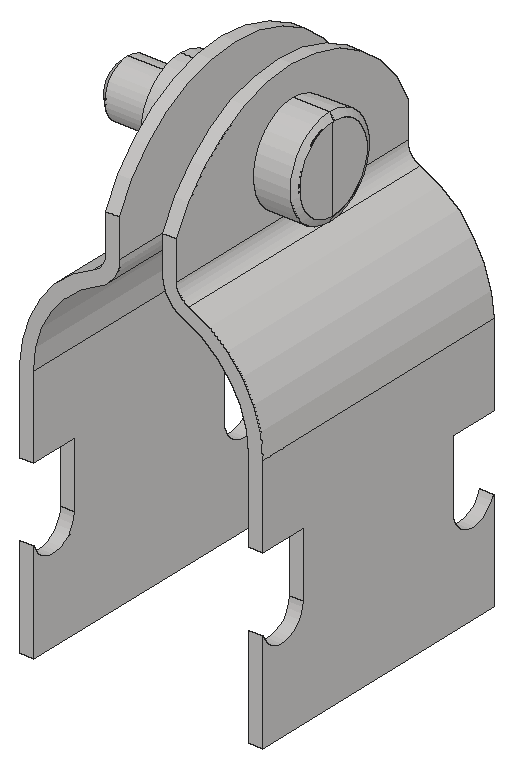
Revit family "Pipe-Clamp-Atkore-Thinwall-Conduit-P1427", category Specialty Equipment, Revit 2012
Parameters (values of type "P1427")
  ecoScorecard_data = ""
  ecoScorecard Product Page = ""
  Unit = Metal - Aluminum - Atkore - Electro - Galvanized
  URL = "http://unistrut.us/index.php"
  Thickness Gauge = 1.50 mm  # constant formula
  Subcategory = "Pipe Clamps"  # constant formula
  Product Page URL = ""
  Part Type = "Clamp"  # constant formula
  Part Number = "P1427"
  Overall Width = 26.79 mm  # constant formula
  Overall Height = 57.55 mm  # constant formula
  Overall Depth = 31.93 mm  # constant formula
  Outer Diameter = 23.40 mm  # constant formula
  Model = "P1427"  # constant formula
  Material = "Multiple Options - See Catalog"
  Manufacturer Toll Free Phone = "800-882-5543"  # constant formula
  Manufacturer Phone = "708-339-1610"  # constant formula
  Manufacturer Fax = "708-339-7814"  # constant formula
  Manufacturer Email = "mailto:questions@atkore.com"
  Manufacturer Address = "16100 South Lathrop Avenue, Harvey, IL 60426"  # constant formula
  Manufacturer = "Unistrut by Atkore International"  # constant formula
  Load Capacity Note = "Visit the product page for load application and capacity."  # constant formula
  Literature URL = ""
  Description = "Pipe Clamps For Thin Wall Conduit"  # constant formula
  Cost Info = "mailto:questions@atkore.com"
  Construction Note = ""
  Conduit Size = 19.10 mm  # constant formula
  CSI MasterSpec = ""
  CAD URL = ""
  Assembly Code = "D5090300"
  95 CSI = "16070"  # constant formula
  04 CSI = "26 05 48"  # constant formula
Reference planes
  plane 1 "Center (Front/Back)": y = 0
  plane 2: z = 0
  plane 3 "Center (Left/Right)": x = 0
  plane 4: y = 15.965
  plane 5: y = -15.965
  plane 6: x = -13.395
  plane 7: x = 13.395
  plane 8: z = 57.55
Dimensions and locks
  equal spacing: plane 4, plane 1 "Center (Front/Back)", plane 5
  "Overall Height": plane 8 to level
  "Overall Depth": plane 4 to plane 5
  "Overall Width": plane 6 to plane 7
  equal spacing: plane 6, plane 3 "Center (Left/Right)", plane 7
  aligned and locked: level to plane 2
  aligned and locked: plane 1 "Center (Front/Back)" to nested 1
  aligned and locked: plane 3 "Center (Left/Right)" to nested 1
Nested families
  nested 1: "P1427" at (0, 0, 0), type "P1427"
Definition of nested family "P1427"
  Parameters (values of type "P1427")
    Unit = Metal - Aluminum - Atkore - Electro - Galvanized
    Thickness Gauge = 1.50 mm
    Outer Diameter = 23.40 mm
    Conduit Size = 19.10 mm
  Reference planes
    plane 1 "Center (Front/Back)": y = 0
    plane 2: z = 0
    plane 3 "Center (Left/Right)": x = 0
    plane 4: y = -15.967
    plane 5: x = -13.43
    plane 6: x = 13.43
    plane 7: y = 15.967
    plane 8: z = 57.545
    plane 9: z = 19.431
    plane 10: z = 42.97
  Forms (mm)
    Extrusion 1, solid, material "Metal - Aluminum - Atkore - Electro - Galvanized" <- "Unit"
      sketch origin (0, 0, 0) x (0, 1, 0) y (0, 0, 1)
        loop
          line (15.967, 0) -> (15.967, 11.156)
          arc (15.967, 11.156) -> (12.758, 9.174) -> (10.305, 12.039) r 2.9
          line (10.305, 12.039) -> (10.305, 19.431) -> (-10.333, 19.431) -> (-10.333, 12.131)
          arc (-10.333, 12.131) -> (-12.743, 9.272) -> (-15.967, 11.165) r 2.9
          line (-15.967, 11.165) -> (-15.967, 0) -> (15.967, 0)
      from 11.906 to 13.43
    Extrusion 2, solid, material "Metal - Aluminum - Atkore - Electro - Galvanized" <- "Unit"
      sketch origin (0, 0, 0) x (1, 0, 0) y (0, 0, 1)
        loop
          line (3.905, 42.97) -> (2.381, 42.97)
          arc (2.381, 42.97) -> (3.001, 40.91) -> (4.655, 39.533) r 3.734
          arc (4.655, 39.533) -> (9.929, 35.145) -> (11.906, 28.575) r 11.906
          line (11.906, 28.575) -> (11.906, 19.431) -> (13.43, 19.431) -> (13.43, 28.575)
          arc (13.43, 28.575) -> (11.2, 35.986) -> (5.251, 40.936) r 13.43
          arc (5.251, 40.936) -> (4.272, 41.751) -> (3.905, 42.97) r 2.21
      from -15.967 to 15.967
    Extrusion 3, solid, material "Metal - Aluminum - Atkore - Electro - Galvanized" <- "Unit"
      sketch origin (0, 0, 0) x (0, 1, 0) y (0, 0, 1)
        loop
          line (-15.967, 42.97) -> (15.967, 42.97) -> (15.967, 47.124)
          arc (15.967, 47.124) -> (0.02, 57.547) -> (-15.967, 47.186) r 17.463
          line (-15.967, 47.186) -> (-15.967, 42.97)
      from 2.381 to 3.905
    Extrusion 4, solid, material "Metal - Aluminum - Atkore - Electro - Galvanized" <- "Unit"
      sketch origin (0, 0, 0) x (0, 1, 0) y (0, 0, -1)
        loop
          line (15.967, 0) -> (-15.967, 0) -> (-15.967, -11.165)
          arc (-15.967, -11.165) -> (-12.743, -9.272) -> (-10.333, -12.131) r 2.9
          line (-10.333, -12.131) -> (-10.333, -19.431) -> (10.305, -19.431) -> (10.305, -12.039)
          arc (10.305, -12.039) -> (12.758, -9.174) -> (15.967, -11.156) r 2.9
          line (15.967, -11.156) -> (15.967, 0)
      from 11.906 to 13.43
    Extrusion 5, solid, material "Metal - Aluminum - Atkore - Electro - Galvanized" <- "Unit"
      sketch origin (0, 0, 0) x (-1, 0, 0) y (0, 0, -1)
        loop
          arc (3.905, -42.97) -> (4.272, -41.751) -> (5.251, -40.936) r 2.21
          arc (5.251, -40.936) -> (11.2, -35.986) -> (13.43, -28.575) r 13.43
          line (13.43, -28.575) -> (13.43, -19.431) -> (11.906, -19.431) -> (11.906, -28.575)
          arc (11.906, -28.575) -> (9.929, -35.145) -> (4.655, -39.533) r 11.906
          arc (4.655, -39.533) -> (3.001, -40.91) -> (2.381, -42.97) r 3.734
          line (2.381, -42.97) -> (3.905, -42.97)
      from -15.967 to 15.967
    Extrusion 6, solid, material "Metal - Aluminum - Atkore - Electro - Galvanized" <- "Unit"
      sketch origin (0, 0, 0) x (0, 1, 0) y (0, 0, -1)
        loop
          line (-15.967, -42.97) -> (-15.967, -47.186)
          arc (-15.967, -47.186) -> (0.02, -57.547) -> (15.967, -47.124) r 17.463
          line (15.967, -47.124) -> (15.967, -42.97) -> (-15.967, -42.97)
      from 2.381 to 3.905
    Revolve 7, solid, material "Metal - Aluminum - Atkore - Electro - Galvanized" <- "Unit"
      sketch origin (0, 0, 0) x (1, 0, 0) y (0, 0, 1)
        loop
          line (3.905, 54.256) -> (3.905, 48.816) -> (8.441, 48.816) -> (8.512, 53.511) -> (8.082, 54.256) -> (3.905, 54.256)
        loop
          line (-15.145, 48.816) -> (-3.905, 48.816) -> (-3.905, 54.372) -> (-8.388, 54.372)
          arc (-8.388, 54.372) -> (-8.989, 53.21) -> (-9.461, 51.991) r 12.202
          line (-9.461, 51.991) -> (-14.256, 51.991) -> (-15.145, 51.102) -> (-15.145, 48.816)
        loop
          line (-2.381, 51.991) -> (-2.381, 48.816) -> (2.381, 48.816) -> (2.381, 51.991) -> (-2.381, 51.991)
        axis (-15.145, 48.816) -> (8.512, 48.816)
      angle from 0 to 360
  Cuts and joins
    joined: Extrusion 1, Extrusion 2, Extrusion 3
    joined: Extrusion 4, Extrusion 5, Extrusion 6
  Dimensions and locks
    equal spacing: plane 5, plane 3 "Center (Left/Right)", plane 6
    equal spacing: plane 4, plane 1 "Center (Front/Back)", plane 7
    aligned and locked: plane 2 to level
    aligned and locked: Extrusion 2 to plane 7
    aligned and locked: Extrusion 2 to plane 4
  Automatic sketch dimensions
    Extrusion 1 sketch curve to level = 0.00 mm
    Extrusion 1 sketch curve to plane 4 = 0.00 mm
    plane 9 to Extrusion 1 sketch curve = 0.00 mm
    Extrusion 1 sketch curve to plane 7 = 0.00 mm
    plane 4 to Extrusion 1 sketch curve = 2.734 mm
    Extrusion 1 sketch curve to Extrusion 1 sketch curve = 2.90 mm
    plane 7 to Extrusion 1 sketch curve = 5.662 mm
    plane 7 to Extrusion 1 sketch curve = 2.762 mm
    plane 9 to Extrusion 1 sketch curve = 8.275 mm
    plane 9 to Extrusion 1 sketch curve = 8.266 mm
    Extrusion 2 sketch curve to Extrusion 2 sketch curve = 0.00 mm  (x5)
    Extrusion 2 sketch curve to plane 3 "Center (Left/Right)" = 0.00 mm
    Extrusion 2 sketch curve to plane 10 = 0.00 mm
    Extrusion 2 sketch curve to plane 9 = 0.00 mm
    Extrusion 2 sketch curve to plane 6 = 0.00 mm
    plane 3 "Center (Left/Right)" to Extrusion 2 sketch curve = 2.381 mm
    Extrusion 2 sketch curve to Extrusion 2 sketch curve = 1.524 mm
    Extrusion 2 sketch curve to Extrusion 2 sketch curve = 0.75 mm
    Extrusion 2 sketch curve to Extrusion 2 sketch curve = 0.596 mm
    Extrusion 3 sketch curve to plane 4 = 0.00 mm
    Extrusion 3 sketch curve to plane 7 = 0.00 mm
    plane 10 to Extrusion 3 sketch curve = 0.00 mm
    plane 1 "Center (Front/Back)" to Extrusion 3 sketch curve = 0.014 mm
    plane 10 to Extrusion 3 sketch curve = 2.886 mm
    Extrusion 3 sketch curve to Extrusion 3 sketch curve = 4.154 mm
    Extrusion 4 sketch curve to level = 0.00 mm
    Extrusion 4 sketch curve to plane 4 = 0.00 mm
    plane 9 to Extrusion 4 sketch curve = 0.00 mm
    Extrusion 4 sketch curve to plane 7 = 0.00 mm
    plane 4 to Extrusion 4 sketch curve = 2.734 mm
    Extrusion 4 sketch curve to Extrusion 4 sketch curve = 2.90 mm
    plane 7 to Extrusion 4 sketch curve = 5.662 mm
    plane 7 to Extrusion 4 sketch curve = 2.762 mm
    plane 9 to Extrusion 4 sketch curve = 7.30 mm
    plane 9 to Extrusion 4 sketch curve = 7.392 mm
    Extrusion 5 sketch curve to Extrusion 5 sketch curve = 0.00 mm  (x5)
    Extrusion 5 sketch curve to plane 3 "Center (Left/Right)" = 0.00 mm
    Extrusion 5 sketch curve to plane 10 = 0.00 mm
    Extrusion 5 sketch curve to plane 9 = 0.00 mm
    Extrusion 5 sketch curve to plane 5 = 0.00 mm
    plane 3 "Center (Left/Right)" to Extrusion 5 sketch curve = 2.381 mm
    Extrusion 5 sketch curve to Extrusion 5 sketch curve = 1.524 mm
    Extrusion 5 sketch curve to Extrusion 5 sketch curve = 0.75 mm
    Extrusion 5 sketch curve to Extrusion 5 sketch curve = 0.596 mm
    Extrusion 6 sketch curve to plane 4 = 0.00 mm
    Extrusion 6 sketch curve to plane 7 = 0.00 mm
    plane 10 to Extrusion 6 sketch curve = 0.00 mm
    plane 1 "Center (Front/Back)" to Extrusion 6 sketch curve = 0.014 mm
    Extrusion 6 sketch curve to plane 10 = 4.154 mm
    Extrusion 6 sketch curve to Extrusion 6 sketch curve = 4.216 mm
    Revolve 7 sketch curve to plane 5 = 1.715 mm
    Revolve 7 sketch curve to plane 5 = 0.826 mm
    Revolve 7 sketch curve to Revolve 7 sketch curve = 1.695 mm
    Revolve 7 sketch curve to Revolve 7 sketch curve = 1.524 mm  (x2)
    plane 3 "Center (Left/Right)" to Revolve 7 sketch curve = 0.448 mm
    Revolve 7 sketch curve to Revolve 7 sketch curve = 1.688 mm
    Revolve 7 sketch curve to Revolve 7 sketch curve = 0.246 mm
    Revolve 7 sketch curve to Revolve 7 sketch curve = 4.177 mm
    Revolve 7 sketch curve to Revolve 7 sketch curve = 4.536 mm
    Revolve 7 sketch curve to Revolve 7 sketch curve = 0.43 mm
    Revolve 7 sketch curve to plane 10 = 5.226 mm
    Revolve 7 sketch curve to Revolve 7 sketch curve = 0.619 mm  (x3)
    Revolve 7 sketch curve to plane 10 = 5.846 mm
    Revolve 7 sketch curve to Revolve 7 sketch curve = 2.286 mm
    Revolve 7 sketch curve to Revolve 7 sketch curve = 0.889 mm
    Revolve 7 sketch curve to Revolve 7 sketch curve = 3.175 mm
    plane 8 to Revolve 7 sketch curve = 4.034 mm
    Revolve 7 sketch curve to Revolve 7 sketch curve = 0.745 mm
    plane 5 to Revolve 7 sketch curve = 3.969 mm
    Revolve 7 sketch curve to Revolve 7 sketch curve = 1.073 mm
    Revolve 7 sketch curve to Revolve 7 sketch curve = 3.861 mm
